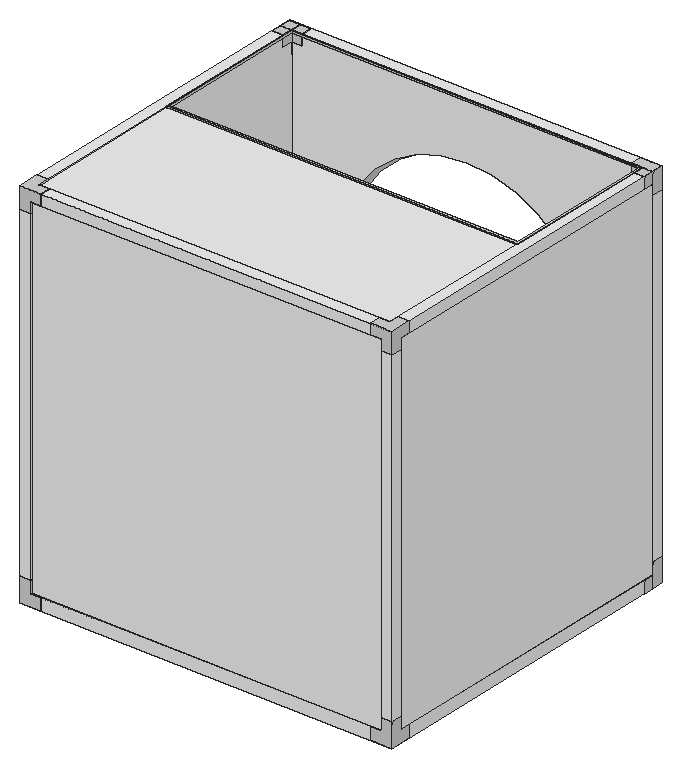
Revit family "НЕВАТОМ_Вентилятор VR-KP, Версия 2", category Оборудование, Revit 2017
Family settings
  Размер круглого соединителя = Использовать диаметр
  Тип детали = Нормальный
  На основе рабочей плоскости = Нет
  Всегда вертикально = Да
  При загрузке вырезать с полостями = Нет
  Общий = Да
  Точка расчета площади = Нет
Parameters (values of type "VR-KP 710 -3/1000")
  Ниппельный патрубок [instance] = yes
  ADSK_Наименование = "Вентилятор кухонный"  # constant formula
  Nevatom_URL = "https://t.me/NEVATOM_Bim_bot"
  L2 = 890 mm
  L1 = 439 mm
  L = 950 mm
  Dвнеш = 710 mm
  Dвнутр = B1  # 990 mm
  B1 = 990 mm
  B = 1050 mm
  ADSK_Частота вращения вентилятора = 1000
  ADSK_Ток = 6.96 A
  ADSK_Расход воздуха = 0.0 L/s
  ADSK_Размер_Ширина = B  # 1050 mm
  ADSK_Размер_Длина = L  # 950 mm
  ADSK_Размер_Высота = B  # 1050 mm
  ADSK_Примечание = ""
  ADSK_Потеря давления воздуха = 0.0 Pa
  ADSK_Полная мощность = 3.000 kW
  ADSK_Позиция = ""
  ADSK_Напряжение = 380 V
  ADSK_Материал наименование = "Оцинкованная сталь"  # constant formula
  ADSK_Масса = 195.6
  ADSK_Марка = "VR-KP 710 -3/1000"
  ADSK_Количество фаз = 3
  ADSK_Количество = 1  # constant formula
  ADSK_Код изделия = ""
  ADSK_Завод-изготовитель = "НЕВАТОМ"  # constant formula
  ADSK_Единица измерения = "шт."  # constant formula
  L уголка = B - B1  # 60 mm
Types (14, lengths in mm): name | L2 | L1 | L | Dвнеш | Dвнутр | B1 | B | ADSK_Частота вращения вентилятора | ADSK_Ток | ADSK_Размер_Ширина | ADSK_Размер_Длина | ADSK_Размер_Высота | ADSK_Полная мощность | ADSK_Напряжение | ADSK_Масса | ADSK_Марка | ADSK_Количество фаз
  VR-KP 250 -0,55/3000 | 450 | 142 | 510 | 250 | 390 | 390 | 450 | 3000 | 1.31 A | 450 | 510 | 450 | 0.550 kW | 380 V | 35.5 | "VR-KP 250 -0,55/3000" | 3
  VR-KP 280 -0,75/3000 | 450 | 169 | 510 | 280 | 390 | 390 | 450 | 3000 | 1.71 A | 450 | 510 | 450 | 0.750 kW | 380 V | 39.8 | "VR-KP 280 -0,75/3000" | 3
  VR-KP 315 -0,75/3000 | 540 | 186 | 600 | 315 | 490 | 490 | 550 | 3000 | 1.71 A | 550 | 600 | 550 | 0.750 kW | 380 V | 50.5 | "VR-KP 315-0,75/3000" | 3
  VR-KP 315 -1,5/3000 | 540 | 196 | 600 | 315 | 490 | 490 | 550 | 3000 | 3.24 A | 550 | 600 | 550 | 1.500 kW | 380 V | 55.4 | "VR-KP 315 -1,5/3000" | 1
  VR-KP 355 -2,2/3000 | 540 | 221 | 600 | 355 | 490 | 490 | 550 | 3000 | 4.63 A | 550 | 600 | 550 | 2.200 kW | 380 V | 59.8 | "VR-KP 355 -2,2/3000" | 3
  VR-KP 400 -0,55/1500 | 590 | 235 | 650 | 400 | 640 | 640 | 700 | 1500 | 1.51 A | 700 | 650 | 700 | 0.550 kW | 380 V | 67 | "VR-KP 400 -0,55/1500" | 3
  VR-KP 450 -0,75/1500 | 590 | 258 | 650 | 450 | 640 | 640 | 700 | 1500 | 1.71 A | 700 | 650 | 700 | 0.750 kW | 380 V | 76.1 | "VR-KP 450 -0,75/1500" | 3
  VR-KP 500 -0,37/1000 | 740 | 287 | 800 | 500 | 790 | 790 | 850 | 1000 | 1.39 A | 850 | 800 | 850 | 0.370 kW | 380 V | 97.4 | "VR-KP 500 -0,37/1000" | 3
  VR-KP 500 -1,5/1500 | 740 | 307 | 800 | 500 | 790 | 790 | 850 | 1500 | 3.5 A | 850 | 800 | 850 | 1.500 kW | 380 V | 105.1 | "VR-KP 500 -1,5/1500" | 3
  VR-KP 560 -1,1/1000 | 740 | 334 | 800 | 560 | 790 | 790 | 850 | 1000 | 3.06 A | 850 | 800 | 850 | 1.100 kW | 1140 V | 109.7 | "VR-KP 560-1,1/1000" | 3
  VR-KP 560 -3/1500 | 740 | 344 | 800 | 560 | 790 | 790 | 850 | 1500 | 6.71 A | 850 | 800 | 850 | 3.000 kW | 380 V | 123.9 | "VR-KP 560 -3/1500" | 3
  VR-KP 630 -1,5/1000 | 890 | 370 | 950 | 630 | 990 | 990 | 1050 | 1000 | 14.17 A | 1050 | 950 | 1050 | 1.500 kW | 380 V | 151.6 | "VR-KP 630 -1,5/1000" | 3
  VR-KP 630 -5,5/1500 | 890 | 400 | 950 | 630 | 990 | 990 | 1050 | 1500 | 11.58 A | 1050 | 950 | 1050 | 5.500 kW | 380 V | 178.7 | "VR-KP 630 -5,5/1500" | 3
  VR-KP 710 -3/1000 | 890 | 439 | 950 | 710 | 990 | 990 | 1050 | 1000 | 6.96 A | 1050 | 950 | 1050 | 3.000 kW | 380 V | 195.6 | "VR-KP 710 -3/1000" | 3
Reference planes
  plane 1 "По центру (Вперед/Назад)": y = 580.033
  plane 2: z = -528
  plane 3 "По центру (Влево/Вправо)": x = 0
  plane 4: x = -525
  plane 5: x = 525
  plane 6: y = 1055.033
  plane 7: y = 135.033
  plane 8: y = 1025.033
  plane 9: y = 105.033
  plane 10: x = -495
  plane 11: x = 495
  plane 12: z = 525
  plane 13: z = 495
  plane 14: z = -495
  plane 15: z = 0
  plane 16: x = -465
  plane 17: y = 165.033
  plane 18: x = 465
  plane 19: y = 995.033
  plane 20: z = 465
  plane 21: z = -462
  plane 22: x = 522
  plane 23: y = 108.033
  plane 24: y = 1052.033
  plane 25: x = -522
  plane 26: z = 522
  plane 27: y = 586.033
  plane 28: y = 586.033
Forms (mm)
  Extrusion 1, solid, material "Материал корпуса"
    sketch origin (0, 0, -225) x (0, 1, 0) y (0, 0, 1)
      loop
        line (105.033, 690) -> (135.033, 690) -> (135.033, 720) -> (165.033, 720) -> (165.033, 750) -> (105.033, 750) -> (105.033, 690)
      loop
        line (105.033, -237) -> (105.033, -303) -> (165.033, -303) -> (165.033, -270) -> (135.033, -270) -> (135.033, -237) -> (105.033, -237)
      loop
        line (995.033, 750) -> (995.033, 720) -> (1025.033, 720) -> (1025.033, 690) -> (1055.033, 690) -> (1055.033, 750) -> (995.033, 750)
      loop
        line (1025.033, -237) -> (1025.033, -270) -> (995.033, -270) -> (995.033, -303) -> (1025.033, -303) -> (1055.033, -303) -> (1055.033, -237) -> (1025.033, -237)
    from -525 to -495
  Extrusion 2, solid, material "Материал корпуса"
    sketch origin (0, 0, -225) x (0, 1, 0) y (0, 0, 1)
      loop
        line (105.033, 690) -> (135.033, 690) -> (135.033, 720) -> (165.033, 720) -> (165.033, 750) -> (105.033, 750) -> (105.033, 690)
      loop
        line (105.033, -237) -> (105.033, -303) -> (165.033, -303) -> (165.033, -270) -> (135.033, -270) -> (135.033, -237) -> (105.033, -237)
      loop
        line (995.033, 750) -> (995.033, 720) -> (1025.033, 720) -> (1025.033, 690) -> (1055.033, 690) -> (1055.033, 750) -> (995.033, 750)
      loop
        line (1055.033, -237) -> (1025.033, -237) -> (1025.033, -270) -> (995.033, -270) -> (995.033, -303) -> (1055.033, -303) -> (1055.033, -237)
    from 495 to 525
  Extrusion 3, solid, material "Материал"
    sketch origin (0, 0, -225) x (0, 1, 0) y (0, 0, 1)
      loop
        line (105.033, 750) -> (105.033, -303) -> (1055.033, -303) -> (1055.033, 750) -> (105.033, 750)
    from -525 to 525
  Extrusion 4, void
    sketch origin (0, 0, -225) x (0, 1, 0) y (0, 0, 1)
      loop
        line (135.033, 720) -> (135.033, -270) -> (1025.033, -270) -> (1025.033, 720) -> (135.033, 720)
    from 522 to 525
  Extrusion 5, void
    sketch origin (0, 580.033, -225) x (1, 0, 0) y (0, 0, 1)
      loop
        line (-495, 720) -> (-495, -270) -> (495, -270) -> (495, 720) -> (-495, 720)
    from 475 to 472
  Extrusion 6, solid, material "Материал"
    sketch origin (0, 0, -225) x (0, 1, 0) y (0, 0, 1)
      loop
        line (1025.033, 720) -> (135.033, 720) -> (135.033, -270) -> (1025.033, -270) -> (1025.033, 720)
    from -525 to -522
  Extrusion 7, void
    sketch origin (0, 580.033, -225) x (1, 0, 0) y (0, 0, 1)
      loop
        line (495, 720) -> (-495, 720) -> (-495, -270) -> (495, -270) -> (495, 720)
    from -475 to -472
  Extrusion 8, solid, material "Материал корпуса"
    sketch origin (0, 580.033, -225) x (1, 0, 0) y (0, 0, 1)
      loop
        line (-495, 690) -> (-495, 720) -> (-465, 720) -> (-465, 750) -> (-525, 750) -> (-525, 690) -> (-495, 690)
      loop
        line (465, 750) -> (465, 720) -> (495, 720) -> (495, 690) -> (525, 690) -> (525, 750) -> (465, 750)
      loop
        line (465, -270) -> (465, -303) -> (525, -303) -> (525, -237) -> (495, -237) -> (495, -270) -> (465, -270)
      loop
        line (-525, -237) -> (-525, -303) -> (-465, -303) -> (-465, -270) -> (-495, -270) -> (-495, -237) -> (-525, -237)
    from 445 to 475
  Extrusion 9, void
    sketch origin (0, 0, 0) x (1, 0, 0) y (0, 1, 0)
      loop
        line (-495, 1025.033) -> (-495, 135.033) -> (495, 135.033) -> (495, 1025.033) -> (-495, 1025.033)
    from 522 to 525
  SweptBlend 10, void
    path origin (0, 0, -225) x (0, 1, 0) y (0, 0, 1)
      loop
        line (586.033, 225) -> (1052.033, 225)
    profile origin (0, 586.033, 0) x (0, 0, 1) y (1, 0, 0)
      loop
        circle (0, 0) r 495
    end profile origin (0, 1052.033, 0) x (0, 0, 1) y (1, 0, 0)
      loop
        circle (0, 0) r 355
  Extrusion 11, solid, material "Материал корпуса"
    sketch origin (0, 404.408, -225) x (1, 0, 0) y (0, 0, -1)
      loop
        line (-495, -690) -> (-525, -690) -> (-525, -750) -> (-465, -750) -> (-465, -720) -> (-495, -720) -> (-495, -690)
      loop
        line (465, -750) -> (525, -750) -> (525, -690) -> (495, -690) -> (495, -720) -> (465, -720) -> (465, -750)
      loop
        line (465, 270) -> (495, 270) -> (495, 237) -> (525, 237) -> (525, 303) -> (465, 303) -> (465, 270)
      loop
        line (-525, 237) -> (-495, 237) -> (-495, 270) -> (-465, 270) -> (-465, 303) -> (-525, 303) -> (-525, 237)
    from 650.625 to 620.625
  Extrusion 12, void
    sketch origin (0, 0, 0) x (1, 0, 0) y (0, 1, 0)
      loop
        line (-495, 1025.033) -> (-495, 586.033) -> (495, 586.033) -> (495, 1025.033) -> (-495, 1025.033)
    from 0 to 525
  Extrusion 13, solid
    sketch origin (0, 0, 0) x (1, 0, 0) y (0, 1, 0)
      loop
        line (-495, 1025.033) -> (-495, 586.033) -> (495, 586.033) -> (495, 1025.033) -> (-495, 1025.033)
      loop
        line (-490, 1020.033) -> (-490, 591.033) -> (490, 591.033) -> (490, 1020.033) -> (-490, 1020.033)
    from 520.933 to 525
Cuts and joins
  Extrusion 4, Extrusion 5, Extrusion 7, Extrusion 9, SweptBlend 10, Extrusion 12 cuts Extrusion 3
  Extrusion 5, Extrusion 7 cuts Extrusion 1
  Extrusion 5, Extrusion 7 cuts Extrusion 2
  joined: Extrusion 1, Extrusion 2, Extrusion 8
Lines and regions (mm)
  reference lines
    curve 1: line (-495, 1100.033, 0) -> (-495, 40.033, 0)
Dimensions and locks
  equal spacing: plane 10, plane 3 "По центру (Влево/Вправо)", plane 11
  equal spacing: plane 4, plane 3 "По центру (Влево/Вправо)", plane 5
  "B": plane 4 to plane 5
  "B1": plane 10 to plane 11
  plane 11 to plane 10 = 990 mm
  plane 5 to plane 4 = 1050 mm
  equal spacing: plane 13, plane 15, plane 14
  "B1": plane 13 to plane 14
  equal spacing: plane 6, plane 1 "По центру (Вперед/Назад)", plane 9
  "L": plane 6 to plane 9
  equal spacing: plane 8, plane 1 "По центру (Вперед/Назад)", plane 7
  "L2": plane 8 to plane 7
  locked: plane 22 to plane 5 at 3
  locked: plane 23 to plane 9 at 3
  locked: plane 4 to plane 25 at 3
  locked: plane 6 to plane 24 at 3
  locked: plane 12 to plane 26 at 3
  equal spacing: plane 17, plane 7, plane 9
  equal spacing: plane 4, plane 10, plane 16
  equal spacing: plane 18, plane 11, plane 5
  equal spacing: plane 19, plane 8, plane 6
  equal spacing: plane 12, plane 13, plane 20
  plane 16 to plane 10 to plane 4 = 30 mm, 30 mm
  plane 5 to plane 11 to plane 18 = 30 mm, 30 mm
  plane 12 to plane 13 to plane 20 = 30 mm, 30 mm
  plane 17 to plane 7 to plane 9 = 30 mm, 30 mm
  level to plane 21 to plane 14 = 462 mm, 33 mm
  plane 6 to plane 8 to plane 19 = 30 mm, 30 mm
  "L1": plane 27 to plane 8
  equal spacing: plane 21, plane 14, plane 2
  "B": plane 26 to plane 2
  "L1": plane 8 to plane 28
  locked: Extrusion 13 to Extrusion 13 at 4.067
  Extrusion 13 sketch curve to cut or joined group of Extrusion 3, Extrusion 4, Extrusion 5, Extrusion 7, Extrusion 9, SweptBlend 10, Extrusion 12 = 5 mm  (x2)
  cut or joined group of Extrusion 3, Extrusion 4, Extrusion 5, Extrusion 7, Extrusion 9, SweptBlend 10, Extrusion 12 to Extrusion 13 sketch curve = 5 mm
  Extrusion 13 sketch curve to Extrusion 13 sketch curve = 5 mm
  "Dвнутр": diameter of SweptBlend 10 sketch curve
  "Dвнеш": diameter of SweptBlend 10 sketch curve
  aligned and locked: Extrusion 1 sketch curve to plane 12  (x2)
  aligned and locked: Extrusion 1 sketch curve to plane 17  (x2)
  aligned and locked: plane 13 to Extrusion 1 sketch curve  (x2)
  aligned and locked: Extrusion 1 sketch curve to plane 7  (x2)
  aligned and locked: plane 20 to Extrusion 1 sketch curve  (x2)
  aligned and locked: plane 9 to Extrusion 1 sketch curve  (x2)
  aligned and locked: plane 21 to Extrusion 1 sketch curve
  aligned and locked: plane 14 to Extrusion 1 sketch curve  (x2)
  aligned and locked: Extrusion 1 sketch curve to plane 21
  aligned and locked: plane 6 to Extrusion 1 sketch curve
  aligned and locked: Extrusion 1 sketch curve to plane 6
  aligned and locked: Extrusion 1 sketch curve to plane 19
  aligned and locked: plane 8 to Extrusion 1 sketch curve  (x2)
  aligned and locked: Extrusion 1 to plane 4
  aligned and locked: Extrusion 2 sketch curve to plane 21
  aligned and locked: plane 6 to Extrusion 2 sketch curve
  aligned and locked: Extrusion 2 sketch curve to plane 8
  aligned and locked: Extrusion 2 sketch curve to plane 19  (x2)
  aligned and locked: Extrusion 2 sketch curve to plane 14
  aligned and locked: plane 20 to Extrusion 2 sketch curve  (x2)
  aligned and locked: plane 13 to Extrusion 2 sketch curve  (x2)
  aligned and locked: Extrusion 2 sketch curve to plane 12
  aligned and locked: Extrusion 2 sketch curve to plane 6
  aligned and locked: plane 8 to Extrusion 2 sketch curve
  aligned and locked: Extrusion 2 sketch curve to plane 17  (x2)
  aligned and locked: Extrusion 2 sketch curve to plane 7  (x2)
  aligned and locked: plane 9 to Extrusion 2 sketch curve  (x2)
  aligned and locked: plane 14 to Extrusion 2 sketch curve
  aligned and locked: plane 21 to Extrusion 2 sketch curve
  aligned and locked: plane 5 to Extrusion 2
  aligned and locked: plane 19 to Extrusion 1 sketch curve
  aligned and locked: Extrusion 3 sketch curve to plane 12
  aligned and locked: Extrusion 3 sketch curve to plane 6
  aligned and locked: Extrusion 3 sketch curve to plane 9
  aligned and locked: Extrusion 3 to plane 4
  aligned and locked: plane 5 to Extrusion 3
  aligned and locked: plane 13 to Extrusion 4
  aligned and locked: Extrusion 4 to plane 8
  aligned and locked: Extrusion 4 to plane 7
  aligned and locked: Extrusion 4 to plane 14
  aligned and locked: plane 5 to Extrusion 4
  aligned and locked: Extrusion 4 to plane 22
  aligned and locked: Extrusion 5 sketch curve to plane 13
  aligned and locked: plane 14 to Extrusion 5 sketch curve
  aligned and locked: Extrusion 5 sketch curve to plane 11
  aligned and locked: plane 10 to Extrusion 5 sketch curve
  aligned and locked: Extrusion 6 sketch curve to plane 13
  aligned and locked: plane 7 to Extrusion 6 sketch curve
  aligned and locked: plane 14 to Extrusion 6 sketch curve
  aligned and locked: Extrusion 6 sketch curve to plane 8
  aligned and locked: Extrusion 6 to plane 25
  aligned and locked: Extrusion 6 to plane 4
  aligned and locked: Extrusion 7 sketch curve to plane 13
  aligned and locked: plane 10 to Extrusion 7 sketch curve
  aligned and locked: plane 14 to Extrusion 7 sketch curve
  aligned and locked: Extrusion 7 sketch curve to plane 11
  aligned and locked: plane 6 to Extrusion 7
  aligned and locked: Extrusion 7 to plane 24
  aligned and locked: plane 10 to cut or joined group of Extrusion 1, Extrusion 2, Extrusion 5, Extrusion 7, Extrusion 8
  aligned and locked: plane 16 to Extrusion 8 sketch curve
  aligned and locked: Extrusion 8 sketch curve to plane 4
  aligned and locked: plane 10 to Extrusion 8 sketch curve
  aligned and locked: plane 14 to Extrusion 8 sketch curve  (x2)
  aligned and locked: plane 5 to Extrusion 8 sketch curve
  aligned and locked: Extrusion 8 sketch curve to plane 21
  aligned and locked: Extrusion 8 sketch curve to plane 11
  aligned and locked: Extrusion 8 sketch curve to plane 18
  aligned and locked: plane 18 to Extrusion 8 sketch curve
  aligned and locked: plane 11 to Extrusion 8 sketch curve
  aligned and locked: plane 13 to Extrusion 8 sketch curve  (x2)
  aligned and locked: Extrusion 8 sketch curve to plane 20
  aligned and locked: Extrusion 8 sketch curve to plane 5
  aligned and locked: Extrusion 8 sketch curve to plane 12  (x2)
  aligned and locked: Extrusion 8 sketch curve to plane 16
  aligned and locked: plane 20 to Extrusion 8 sketch curve
  aligned and locked: Extrusion 8 sketch curve to plane 10
  aligned and locked: plane 4 to Extrusion 8 sketch curve
  aligned and locked: Extrusion 8 to plane 9
  aligned and locked: plane 7 to Extrusion 8
  aligned and locked: Extrusion 9 sketch curve to plane 8
  aligned and locked: plane 10 to Extrusion 9 sketch curve
  aligned and locked: plane 7 to Extrusion 9 sketch curve
  aligned and locked: Extrusion 9 sketch curve to plane 11
  aligned and locked: plane 12 to Extrusion 9
  aligned and locked: cut or joined group of Extrusion 3, Extrusion 4, Extrusion 5, Extrusion 7, Extrusion 9, SweptBlend 10, Extrusion 12 to plane 26
  aligned and locked: cut or joined group of Extrusion 3, Extrusion 4, Extrusion 5, Extrusion 7, Extrusion 9, SweptBlend 10, Extrusion 12 to plane 9
  aligned and locked: cut or joined group of Extrusion 3, Extrusion 4, Extrusion 5, Extrusion 7, Extrusion 9, SweptBlend 10, Extrusion 12 to plane 23
  aligned and locked: cut or joined group of Extrusion 1, Extrusion 2, Extrusion 5, Extrusion 7, Extrusion 8 to plane 11
  aligned and locked: level to plane 15
  aligned and locked: plane 5 to Extrusion 11
  aligned and locked: Extrusion 11 to plane 11
  aligned and locked: Extrusion 11 to plane 4
  aligned and locked: plane 10 to Extrusion 11
  aligned and locked: plane 6 to cut or joined group of Extrusion 1, Extrusion 2, Extrusion 5, Extrusion 7, Extrusion 8
  aligned and locked: Extrusion 11 sketch curve to plane 21
  aligned and locked: Extrusion 11 sketch curve to plane 10
  aligned and locked: Extrusion 11 sketch curve to plane 16
  aligned and locked: plane 2 to Extrusion 11 sketch curve
  aligned and locked: plane 4 to Extrusion 11 sketch curve  (x2)
  aligned and locked: Extrusion 11 sketch curve to plane 14
  aligned and locked: Extrusion 11 sketch curve to plane 2
  aligned and locked: Extrusion 11 sketch curve to plane 18
  aligned and locked: plane 14 to Extrusion 11 sketch curve
  aligned and locked: Extrusion 11 sketch curve to plane 11
  aligned and locked: Extrusion 11 sketch curve to plane 5
  aligned and locked: Extrusion 11 sketch curve to plane 12  (x2)
  aligned and locked: Extrusion 11 to plane 8
  aligned and locked: Extrusion 11 to plane 6
  aligned and locked: Extrusion 12 to level
  aligned and locked: plane 12 to Extrusion 12
  aligned and locked: Extrusion 12 to plane 10
  aligned and locked: plane 11 to Extrusion 12
  aligned and locked: plane 8 to Extrusion 12
  aligned and locked: Extrusion 12 to plane 27
  aligned and locked: plane 12 to Extrusion 13
  aligned and locked: plane 10 to Extrusion 13 sketch curve
  aligned and locked: Extrusion 13 sketch curve to plane 28
  aligned and locked: Extrusion 13 sketch curve to plane 11
  aligned and locked: Extrusion 13 sketch curve to plane 8
  aligned and locked: plane 3 "По центру (Влево/Вправо)" to nested 1
  aligned and locked: nested 1 to plane 6
  aligned and locked: nested 1 to plane 15
Automatic sketch dimensions
  Extrusion 1 sketch curve to plane 2 = 0 mm  (x2)
  Extrusion 1 sketch curve to plane 8 = 0 mm
  Extrusion 2 sketch curve to plane 2 = 0 mm  (x2)
  Extrusion 2 sketch curve to plane 12 = 0 mm
  Extrusion 3 sketch curve to plane 2 = 0 mm
  Extrusion 4 sketch curve to plane 7 = 0 mm
  Extrusion 4 sketch curve to plane 8 = 0 mm
  Extrusion 4 sketch curve to plane 14 = 0 mm
  Extrusion 4 sketch curve to plane 13 = 0 mm
  Extrusion 8 sketch curve to plane 2 = 0 mm  (x2)
  Extrusion 8 sketch curve to plane 21 = 0 mm
  SweptBlend 10 sketch curve to level = 0 mm
  SweptBlend 10 sketch curve to plane 27 = 0 mm
  SweptBlend 10 sketch curve to plane 24 = 0 mm
  Extrusion 11 sketch curve to plane 20 = 0 mm  (x2)
  Extrusion 11 sketch curve to plane 13 = 0 mm  (x2)
  Extrusion 11 sketch curve to plane 21 = 0 mm
  Extrusion 11 sketch curve to Extrusion 11 sketch curve = 30 mm  (x4)
  Extrusion 11 sketch curve to plane 5 = 0 mm
  Extrusion 12 sketch curve to plane 16 = 30 mm
  Extrusion 12 sketch curve to plane 19 = 30 mm
  plane 18 to Extrusion 12 sketch curve = 30 mm
  plane 27 to Extrusion 12 sketch curve = 0 mm
  curve 1 to plane 10 = 0 mm
  curve 1 to plane 9 = 65 mm
  plane 6 to curve 1 = 45 mm
  SweptBlend 10 sketch curve to plane 3 "По центру (Влево/Вправо)" = 0 mm  (x2)
  SweptBlend 10 sketch curve to profile plane = 0 mm  (x2)
Nested families
  nested 1: "НЕВАТОМ_Ниппельный патрубок VR-KP, Версия 1" at (0, 1055.033, 0) x (0, 0, -1) z (0, 1, 0), visible <- "Ниппельный патрубок", type "Ниппельный патрубок VR-KP"
Connectors
  hvac at (0, 1052.033, 0), driven by "Dвнеш"
    settings: on cut or joined group of Extrusion 3, Extrusion 4, Extrusion 5, Extrusion 7, Extrusion 9, SweptBlend 10, Extrusion 12, index 1, duct flow 0.0 L/s, flow factor 0, pres drop 0.0 Pa, loss coef 0, conn angle 0.00°, conn width 304.8 mm, conn height 304.8 mm, conn diameter 710 mm, duct sys type 29, conn prof type 0, flow config 0, flow direction 1, loss method 0, conn ref index 2, conn util no, is conn primary yes, conn desc ""
  hvac at (0, 805.533, 525), driven by "L1", driven by "B1"
    settings: on Extrusion 13, index 2, duct flow 0.0 L/s, flow factor 0, pres drop 0.0 Pa, loss coef 0, conn angle 0.00°, conn width 990 mm, conn height 439 mm, conn diameter 609.6 mm, duct sys type 29, conn prof type 1, flow config 0, flow direction 2, loss method 0, conn ref index 1, conn util no, is conn primary no, conn desc ""
Definition of nested family "НЕВАТОМ_Ниппельный патрубок VR-KP, Версия 1"
  Parameters (values of type "Ниппельный патрубок VR-KP")
    Ниппель = "НЕВАТОМ_Ниппельный патрубок VR-KP"  # constant formula
    Материал = none
    t = 2 mm
    Nevatom_URL = "https://t.me/NEVATOM_Bim_bot"
    L = size_lookup(Ниппель, "L", 100 mm, VRKP)  # 100 mm
    D2 = size_lookup(Ниппель, "D2", 317 mm, VRKP)  # 802 mm
    D1 = size_lookup(Ниппель, "D1", 368 mm, VRKP)  # 867 mm
    VRKP = 710 mm
    D = size_lookup(Ниппель, "D", 315 mm, VRKP)  # 800 mm
    ADSK_Примечание = ""
    ADSK_Наименование = "Нипельный патрубок"  # constant formula
    ADSK_Масса = size_lookup(Ниппель, "M", 1.6, VRKP)  # 4.1
    ADSK_Марка = size_lookup(Ниппель, "", "нет в каталоге", VRKP)  # "Ниппельный патрубок VR-KP 710"
    ADSK_Количество = 0
    ADSK_Код изделия = ""
    ADSK_Завод-изготовитель = "НЕВАТОМ"
    ADSK_Единица измерения = "шт."
  Reference planes
    plane 1 "По центру (Вперед/Назад)": y = 0
    plane 2: z = 0
    plane 3 "По центру (Влево/Вправо)": x = 0
  Forms (mm)
    Extrusion 1, solid, material <- "Материал"
      sketch origin (0, 0, 0) x (1, 0, 0) y (0, 1, 0)
        loop
          circle (0, 0) r 433.5
      from 0 to 2 <- "t"
    Extrusion 2, solid, material <- "Материал"
      sketch origin (0, 0, 0) x (1, 0, 0) y (0, 1, 0)
        loop
          circle (0, 0) r 401
      from 2 <- "t" to 100 <- "L"
    Extrusion 3, void
      sketch origin (0, 0, 0) x (1, 0, 0) y (0, 1, 0)
        loop
          circle (0, 0) r 400
      from 0 to 100 <- "L"
  Cuts and joins
    Extrusion 3 cuts Extrusion 1
    Extrusion 3 cuts Extrusion 2
  Dimensions and locks
    Extrusion 2 to Extrusion 1 = 100 mm
    "D1": diameter of Extrusion 1 sketch curve
    "D2": diameter of Extrusion 2 sketch curve
    "D": diameter of Extrusion 3 sketch curve
    aligned and locked: level to plane 2
  Automatic sketch dimensions
    plane 1 "По центру (Вперед/Назад)" to Extrusion 1 sketch curve = 0 mm
    Extrusion 1 sketch curve to plane 3 "По центру (Влево/Вправо)" = 0 mm
    plane 1 "По центру (Вперед/Назад)" to Extrusion 2 sketch curve = 0 mm
    Extrusion 2 sketch curve to plane 3 "По центру (Влево/Вправо)" = 0 mm
    plane 1 "По центру (Вперед/Назад)" to Extrusion 3 sketch curve = 0 mm
    Extrusion 3 sketch curve to plane 3 "По центру (Влево/Вправо)" = 0 mm
  Connectors
    hvac at (0, 0, 0), driven by "D"
      settings: on cut or joined group of Extrusion 1, Extrusion 3, index 1, duct flow 0.0 L/s, flow factor 0, pres drop 0.0 Pa, loss coef 0, conn angle 0.00°, conn width 304.8 mm, conn height 304.8 mm, conn diameter 800 mm, duct sys type 1, conn prof type 0, flow config 0, flow direction 0, loss method 0, conn ref index 2, conn util no, is conn primary yes, conn desc ""
    hvac at (0, 0, 100), driven by "D"
      settings: on cut or joined group of Extrusion 2, Extrusion 3, index 2, duct flow 0.0 L/s, flow factor 0, pres drop 0.0 Pa, loss coef 0, conn angle 0.00°, conn width 304.8 mm, conn height 304.8 mm, conn diameter 800 mm, duct sys type 1, conn prof type 0, flow config 0, flow direction 0, loss method 0, conn ref index 1, conn util no, is conn primary no, conn desc ""
